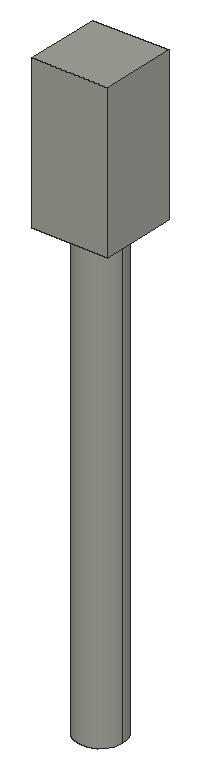
Revit family "Estaca_Bloco_1", category Structural Foundations, Revit 2025
Family settings
  Material for Model Behavior = Concrete
  Cap = No
  OmniClass Number = 23.25.05.11
  OmniClass Title = Foundation Piles
  Work Plane-Based = No
  Always vertical = Yes
  Cut with Voids When Loaded = No
  Shared = No
  Show family pre-cut in plan views = Yes
Parameters (values of type "EstacaBlocoFundação")
  Width = 1000 mm
  Thickness = 2000 mm
  Structural Material [instance] = CT_Concreto
  Pile Type = Estaca : Estaca_60
  Length = 1000 mm
  Cut-off = 150 mm
  Assembly Code = "A1010130"
Reference planes
  plane 1 "Center (Front/Back)": y = 0
  plane 2: z = 0
  plane 3 "Center (Left/Right)": x = 0
  plane 4: x = -500
  plane 5: x = 500
  plane 6: y = 500
  plane 7: y = -500
  plane 8: z = -2000
  plane 9: z = -1850
Forms (mm)
  Extrusion 1, solid, material "CT_Concreto" <- "Structural Material"
    sketch origin (0, 0, 0) x (1, 0, 0) y (0, 1, 0)
      loop
        line (-500, 500) -> (-500, -500) -> (500, -500) -> (500, 500) -> (-500, 500)
    from -2000 to 0
Dimensions and locks
  "Width": plane 4 to plane 5
  "Length": plane 6 to plane 7
  equal spacing: plane 6, plane 1 "Center (Front/Back)", plane 7
  equal spacing: plane 4, plane 3 "Center (Left/Right)", plane 5
  "Thickness": plane 2 to plane 8
  "Cut-off": plane 9 to plane 8
  aligned and locked: plane 4 to Extrusion 1 sketch curve
  aligned and locked: Extrusion 1 sketch curve to plane 5
  aligned and locked: Extrusion 1 sketch curve to plane 6
  aligned and locked: plane 7 to Extrusion 1 sketch curve
  aligned and locked: level to Extrusion 1
  aligned and locked: Extrusion 1 to plane 8
  aligned and locked: plane 1 "Center (Front/Back)" to nested 1
  aligned and locked: plane 3 "Center (Left/Right)" to nested 1
  aligned and locked: nested 1 to plane 9
Nested families
  nested 1: "Estaca" at (0, 0, -2002), type <- "Pile Type", Structural Material <- "Structural Material", type "Estaca_60"
    with Structural Material CT_Concreto
Definition of nested family "Estaca"
  Parameters (values of type "Estaca_60")
    Structural Material [instance] = none
    Estaca_Raio = Estaca_Diâmetro / 2  # 300 mm
    Estaca_Embutimento_Mínimo = 152 mm
    Estaca_Profundidade = 6000 mm
    Estaca_Diâmetro = 600 mm
    Assembly Code = "A1020130"
  Reference planes
    plane 1 "Center (Front/Back)": y = 0
    plane 2: z = 0
    plane 3 "Center (Left/Right)": x = 0
    plane 4: z = -6000
    plane 5: z = 152
  Forms (mm)
    Extrusion 1, solid, material <- "Structural Material"
      sketch origin (0, 0, 0) x (1, 0, 0) y (0, 1, 0)
        loop
          circle (0, 0) r 300
      from -6000 to 152
  Dimensions and locks
    "Estaca_Profundidade": plane 2 to plane 4
    "Estaca_Embutimento_Mínimo": plane 5 to plane 2
    "Estaca_Raio": radius of Extrusion 1 sketch curve
    aligned and locked: Extrusion 1 to plane 4
    aligned and locked: Extrusion 1 to plane 5
  Automatic sketch dimensions
    plane 1 "Center (Front/Back)" to Extrusion 1 sketch curve = 0 mm
    Extrusion 1 sketch curve to plane 3 "Center (Left/Right)" = 0 mm
